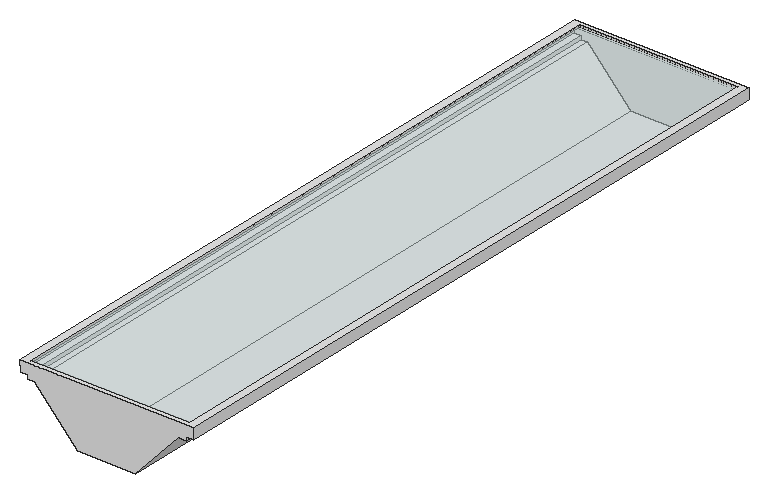
Revit family "WT14-2", category Lighting Fixtures, host Face, Revit 2012
Parameters (values of type "WT14-332G-FSA12-E-PAF")
  Wattage = 59 W
  built-in parameter 1150110 = 1 (stored number, unit not read)
  built-in parameter 1114217 = 1 (stored number, unit not read)
  Tilt Angle = -90.00°
  built-in parameter 1150109 = 1 (stored number, unit not read)
  built-in parameter 1150134 = 3
  built-in parameter 1150113 = 1 (stored number, unit not read)
  Photometric Web File = "13752.IES"
  built-in parameter 1150105 = 2414.6 (stored number, unit not read)
  Lumens = 8763.98 lm
  built-in parameter 1150115 = 1 (stored number, unit not read)
  built-in parameter 1150137 = (empty or 0)
  built-in parameter 1150139 = (empty or 0)
  Length = 48"
  Wattage Comments = "32 W"
  URL = "http://www.columbialighting.com/"
  Product Page URL = "http://www.columbialighting.com/products/wt"
  Product Documentation Link = "http://www.columbialighting.com/content/products/specs/specs_files/wt14_2.pdf"
  Model = "WT14-2"  # constant formula
  Manufacturer Phone = "(864)-678-1000"  # constant formula
  Manufacturer Fax = "(866)-898-1065"  # constant formula
  Manufacturer = "Columbia Lighting"  # constant formula
  Width = 12"
  built-in parameter 1150112 = 1 (stored number, unit not read)
  built-in parameter 1150114 = 1 (stored number, unit not read)
  Lamp = "F32T8"
  Opal lens = Etched Glass
  built-in parameter 1150132 = (empty or 0)
  built-in parameter 1150102 = (empty or 0)
  built-in parameter 1150107 = 3200 (stored number, unit not read)
  built-in parameter 1150138 = (empty or 0)
  built-in parameter 1150106 = 24.146 (stored number, unit not read)
  Finish2 = White
  Emit from Line Length = 24"
  built-in parameter 1150104 = 13.8 (stored number, unit not read)
  Dimming Lamp Color Temperature Shift = <None>
  Description = "Wet Location Lensed Troffer."  # constant formula
  Default Elevation = 48"
  Finish = White
  Color Filter = 16777215
  built-in parameter 1114218 = 1 (stored number, unit not read)
  built-in parameter 1150133 = 10 (stored number, unit not read)
Types (5): name | Photometric Web File
  (no name) | "13752.IES"
  WT14-132G-FSA12-E-PAF | "13751.IES"
  WT14-232G-FSA12-E | "13533.IES"
  WT14-232G-FSA12-E-PAF | "13763.IES"
  WT14-332G-FSA12-E-PAF | "13752.IES"
Reference planes (in)
  plane 1 "Center (Front/Back)": y = 13.01342
  plane 2: z = 0
  plane 3 "Center (Left/Right)": x = 0
  plane 4: x = 12
  plane 5: x = 0
  plane 6: y = 37.01342
  plane 7: y = -10.98658
  plane 8: z = -4.25
  plane 9: y = -10.73658
  plane 10: y = 36.76342
  plane 11: z = -0.25
  plane 12: z = -0.125
  plane 13: z = -2.25
Forms (in)
  Extrusion 1, solid, material "White" <- "Finish"
    sketch origin (0, 13.01342, 0) x (1, 0, 0) y (0, 0, 1)
      loop
        line (12, 0) -> (11.5, 0) -> (11.5, -0.125) -> (11.875, -0.125) -> (11.875, -0.625) -> (11.375, -0.625) -> (11.375, -0.875) -> (10.94527, -0.875) -> (7.94527, -4.125) -> (4.05473, -4.125) -> (1.05473, -0.875) -> (0.625, -0.875) -> (0.625, -0.625) -> (0.125, -0.625) -> (0.125, -0.125) -> (0.5, -0.125) -> (0.5, 0) -> (0, 0) -> (0, -0.75) -> (0.5, -0.75) -> (0.5, -1) -> (1, -1) -> (4, -4.25) -> (8, -4.25) -> (11, -1) -> (11.5, -1) -> (11.5, -0.75) -> (12, -0.75) -> (12, 0)
    from -24 to 24
  Extrusion 2, solid, material "White" <- "Finish"
    sketch origin (0, 13.01342, 0) x (1, 0, 0) y (0, 0, 1)
      loop
        line (12, 0) -> (0, 0) -> (0, -0.75) -> (0.5, -0.75) -> (0.5, -1) -> (1, -1) -> (4, -4.25) -> (8, -4.25) -> (11, -1) -> (11.5, -1) -> (11.5, -0.75) -> (12, -0.75) -> (12, 0)
    from 23.75 to 24
  Extrusion 3, solid, material "White" <- "Finish"
    sketch origin (0, 1.01342, 0) x (1, 0, 0) y (0, 0, -1)
      loop
        line (0, 0) -> (12, 0) -> (12, 0.75) -> (11.5, 0.75) -> (11.5, 1) -> (11, 1) -> (8, 4.25) -> (4, 4.25) -> (1, 1) -> (0.5, 1) -> (0.5, 0.75) -> (0, 0.75) -> (0, 0)
    from 35.75 to 36
  Extrusion 4, solid, material "Etched Glass" <- "Opal lens"
    sketch origin (0, 13.01342, 0) x (1, 0, 0) y (0, 0, 1)
      loop
        line (0.125, -0.125) -> (0.125, -0.25) -> (11.875, -0.25) -> (11.875, -0.125) -> (0.125, -0.125)
    from -23.75 to 23.75
  Extrusion 5, void
    sketch origin (0, 0, 0) x (1, 0, 0) y (0, 1, 0)
      loop
        line (0, 37.01342) -> (0, -10.98658) -> (12, -10.98658) -> (12, 37.01342) -> (0, 37.01342)
    from 0 to -4.25
Cuts and joins
  joined: Extrusion 1, Extrusion 2, Extrusion 3
Dimensions and locks (in)
  plane 5 to plane 3 "Center (Left/Right)" to plane 4 = 0", 12"
  "Width": plane 5 to plane 4
  equal spacing: plane 6, plane 1 "Center (Front/Back)", plane 7
  "Length": plane 6 to plane 7
  locked: plane 8 to plane 2 at 4.25
  locked: Extrusion 1 sketch curve to Extrusion 1 sketch curve at 0.25  (x2)
  Extrusion 1 sketch curve to Extrusion 1 sketch curve to Extrusion 1 sketch curve = 3/8" locked, 1/8" locked
  Extrusion 1 sketch curve to Extrusion 1 sketch curve = 1/8"  (x4)
  Extrusion 1 sketch curve to Extrusion 1 sketch curve to Extrusion 1 sketch curve = 1/8" locked, 1/8" locked
  locked: Extrusion 1 sketch curve to Extrusion 1 sketch curve at 0.125  (x4)
  Extrusion 1 sketch curve to Extrusion 1 sketch curve to Extrusion 1 sketch curve = 1/8" locked, 1/2" locked
  locked: Extrusion 1 sketch curve to Extrusion 1 sketch curve at 0.375  (x2)
  Extrusion 1 sketch curve to Extrusion 1 sketch curve to Extrusion 1 sketch curve = 1/2" locked, 1/8" locked
  plane 7 to plane 9 to cut or joined group of Extrusion 1, Extrusion 2, Extrusion 3 = 1/4" locked, 47 1/2"
  plane 6 to plane 10 to cut or joined group of Extrusion 1, Extrusion 2, Extrusion 3 = 1/4" locked, 47 1/2"
  locked: Extrusion 1 sketch curve to Extrusion 1 sketch curve at 3.125
  cut or joined group of Extrusion 1, Extrusion 2, Extrusion 3 to plane 11 to plane 12 = 3/8" locked, 1/8" locked
  Extrusion 5 to plane 3 "Center (Left/Right)" = 12"
  aligned and locked: plane 2 to host face
  aligned and locked: level to host face
  aligned and locked: Extrusion 1 sketch curve to plane 5
  aligned and locked: Extrusion 1 sketch curve to plane 4
  aligned and locked: plane 6 to Extrusion 1
  aligned and locked: Extrusion 1 to plane 7
  aligned and locked: plane 4 to Extrusion 1
  aligned and locked: Extrusion 1 to plane 5
  aligned and locked: Extrusion 1 sketch curve to level
  aligned and locked: level to Extrusion 1 sketch curve
  aligned and locked: Extrusion 2 to plane 7
  aligned and locked: plane 9 to Extrusion 2
  aligned and locked: plane 7 to Extrusion 2
  aligned and locked: Extrusion 2 to plane 9
  aligned and locked: plane 6 to Extrusion 3
  aligned and locked: plane 10 to cut or joined group of Extrusion 1, Extrusion 2, Extrusion 3
  aligned and locked: plane 12 to cut or joined group of Extrusion 1, Extrusion 2, Extrusion 3  (x2)
  aligned and locked: Extrusion 4 sketch curve to cut or joined group of Extrusion 1, Extrusion 2, Extrusion 3  (x2)
  aligned and locked: cut or joined group of Extrusion 1, Extrusion 2, Extrusion 3 to Extrusion 4 sketch curve
  aligned and locked: plane 11 to Extrusion 4 sketch curve
  aligned and locked: Extrusion 4 to plane 9
  aligned and locked: Extrusion 4 to plane 10
  aligned and locked: Extrusion 5 sketch curve to cut or joined group of Extrusion 1, Extrusion 2, Extrusion 3  (x4)
  aligned and locked: Extrusion 5 to plane 8
Automatic sketch dimensions
  host sketch curve to host sketch curve = 96"  (x2)
  Extrusion 3 sketch curve to level = 0"
  Extrusion 3 sketch curve to plane 5 = 0"
  Extrusion 3 sketch curve to plane 8 = 0"
  Extrusion 3 sketch curve to plane 4 = 0"
  plane 5 to Extrusion 3 sketch curve = 1/2"
  Extrusion 3 sketch curve to Extrusion 3 sketch curve = 1/2"  (x2)
  plane 5 to Extrusion 3 sketch curve = 4"
  Extrusion 3 sketch curve to plane 4 = 4"
  Extrusion 3 sketch curve to plane 4 = 1"
  Extrusion 3 sketch curve to level = 3/4"  (x2)
  Extrusion 3 sketch curve to Extrusion 3 sketch curve = 1/4"  (x2)
  Extrusion 2 sketch curve to level = 0"
  Extrusion 2 sketch curve to plane 5 = 0"
  Extrusion 2 sketch curve to plane 8 = 0"
  Extrusion 2 sketch curve to plane 4 = 0"
  plane 5 to Extrusion 2 sketch curve = 1/2"
  Extrusion 2 sketch curve to Extrusion 2 sketch curve = 1/2"
  plane 5 to Extrusion 2 sketch curve = 4"
  Extrusion 2 sketch curve to plane 4 = 4"
  Extrusion 2 sketch curve to plane 4 = 1"
  Extrusion 2 sketch curve to plane 4 = 1/2"
  Extrusion 2 sketch curve to level = 1"  (x2)
  Extrusion 2 sketch curve to Extrusion 2 sketch curve = 1/4"  (x2)
  Extrusion 1 sketch curve to plane 5 = 0"
  plane 5 to Extrusion 1 sketch curve = 1/8"
  Extrusion 1 sketch curve to Extrusion 1 sketch curve = 3/8"  (x2)
  Extrusion 1 sketch curve to level = 7/8"
  Extrusion 1 sketch curve to Extrusion 1 sketch curve = 0.05473"  (x2)
  Extrusion 1 sketch curve to plane 8 = 0"
  Extrusion 1 sketch curve to plane 4 = 4.05473"
Connectors (in)
  electrical at (6, 13.01342, -4.25), driven by "Description"
    settings: on cut or joined group of Extrusion 1, Extrusion 2, Extrusion 3, index 1, voltage 0 V, apparent load 0 VA, apparent load phase1 0 VA, apparent load phase2 0 VA, apparent load phase3 0 VA, power factor 1, load classification "Other", number of poles 1, system type 30, power factor state 1, is connector primary yes, connector utility no, sub classification motor no, connector description "Wet Location Lensed Troffer."
